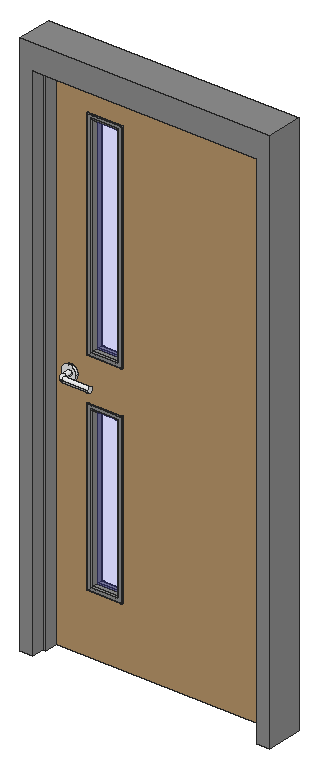
Revit family "7c604ee464c544b09e427b22791ddaf4", category Doors, host Wall, Revit 2021
Family settings
  Host = Wall
  OmniClass Number = 23.30.10.00
  OmniClass Title = Doors
  Always vertical = Yes
  Cut with Voids When Loaded = No
  Shared = No
  Room Calculation Point = No
Parameters
  Visual Light Transmittance = 0
  Thickness = 1 3/4"
  Thermal Resistance (R) = 2.5876 (h·ft²·°F)/BTU
  Swing Angle [instance] = 90.00°
  Strike Height = 40"
  Solar Heat Gain Coefficient = 0
  Rough Width [instance] = Width + MFOpeningWidth  # 40"
  Rough Height [instance] = Height + MFOpeningHeight  # 88"
  Panel Material = Wood - Birch
  Masonry Frame [instance] = yes
  MFOpeningHeight [instance] = if(Masonry Frame, 4", 1 1/4")  # 4"
  MFOpeningWidth [instance] = if(Masonry Frame, 4", 2 1/2")  # 4"
  Heat Transfer Coefficient (U) = 0.3865 BTU/(h·ft²·°F)
  Glazing = Glass
  Glass Stop Material = Metal - Paint Finish - Grey
  Function = Exterior
  Inset Calculate [instance] = if(Masonry Frame, Masonry Inset + 3", 3")  # 4"
  Masonry Inset [instance] = 1"
  Height = 84"
  Wall Closure = By host
  Width = 36"
  Frame Material = Metal - Paint Finish - Grey
  Masonry Frame Depth = 5 3/4"
  Dry Wall Frame [instance] = not(Masonry Frame)  # no
  Door Handle Material = Aluminum
  Assembly Code = "B2030100"
  Analytic Construction = "Wooden"
Reference planes
  plane 1 "Center (Front/Back)": y = 0
  plane 2 "Center (Left/Right)": x = 0
  plane 3 "Left": x = -508
  plane 4 "Right": x = 508
  plane 5 "Top": z = 2235.2
  plane 6 "Exterior": y = 107.95
  plane 7 "Interior": y = -95.25
  plane 8 "Door Panel Left": x = -457.2
  plane 9 "Door Panel Right": x = 457.2
  plane 10 "Top Of Panel": z = 2133.6
  plane 11: z = 0
  plane 12: z = 0
  plane 13 "Door Back": y = 38.1
  plane 14: z = 1016
  plane 15 "Door Front": y = 82.55
  plane 16: y = -63.5
  plane 17: y = 33.337
  plane 18: x = -441.325
  plane 19: y = -14.288
  plane 20: z = 2184.4
  plane 21: y = 184.15
  plane 22: z = 2184.4
  plane 23: x = 476.25
  plane 24: x = 527.05
  plane 25: y = 120.65
  plane 26: y = -107.95
  plane 27: x = 460.375
  plane 28: y = 33.337
  plane 29: y = -4.763
  plane 30: z = 1981.2
  plane 31: z = 1111.25
  plane 32: x = -304.8
  plane 33: x = -177.8
  plane 34: y = 63.5
  plane 35: y = 57.15
  plane 36: y = 60.325
  plane 37: z = 920.75
  plane 38: z = 254
  plane 39: z = 6.35
  plane 40 "Glass": y = 60.325
Forms (mm)
  Extrusion 1, solid, material "Wood - Birch" <- "Panel Material"
    sketch origin (0, 0, 0) x (1, 0, 0) y (0, 0, 1)
      loop
        line (457.2, 2133.6) -> (-457.2, 2133.6) -> (-457.2, 0) -> (457.2, 0) -> (457.2, 2133.6)
      loop
        line (-177.8, 1981.2) -> (-304.8, 1981.2) -> (-304.8, 1111.25) -> (-177.8, 1111.25) -> (-177.8, 1981.2)
      loop
        line (-177.8, 920.75) -> (-304.8, 920.75) -> (-304.8, 254) -> (-177.8, 254) -> (-177.8, 920.75)
    from -82.55 to -38.1
  Sweep 2, solid, material "Metal - Paint Finish - Grey" <- "Frame Material", visible <- "Masonry Frame"
    path origin (0, 107.95, 0) x (1, 0, 0) y (0, 0, 1)
      loop
        line (508, 0) -> (508, 2184.4) -> (-508, 2184.4) -> (-508, 0)
    profile origin (-508, 107.95, 1092.2) x (0, -1, 0) y (1, 0, 0)
      loop
        line (25.4, 50.8) -> (25.4, 0) -> (171.45, 0) -> (171.45, 50.8) -> (122.237, 50.8) -> (122.237, 66.675) -> (74.612, 66.675) -> (74.612, 50.8) -> (25.4, 50.8)
  Extrusion 3, solid, material "Metal - Paint Finish - Grey" <- "Frame Material", visible <- "Masonry Frame"
    sketch origin (0, 0, 0) x (0, 1, 0) y (0, 0, 1)
      loop
        line (82.55, 2235.2) -> (-63.5, 2235.2) -> (-63.5, 2184.4) -> (82.55, 2184.4) -> (82.55, 2235.2)
    from -508 to 508
  Sweep 4, solid, material "Metal - Paint Finish - Grey" <- "Frame Material", visible <- "Dry Wall Frame"
    path origin (0, 107.95, 0) x (1, 0, 0) y (0, 0, 1)
      loop
        line (508, 0) -> (508, 2235.2) -> (-508, 2235.2) -> (-508, 0)
    profile origin (508, 107.95, 1117.6) x (-1, 0, 0) y (0, -1, 0)
      loop
        line (-19.05, -12.7) -> (31.75, -12.7) -> (31.75, 74.613) -> (47.625, 74.613) -> (47.625, 112.713) -> (31.75, 112.713) -> (31.75, 215.9) -> (-19.05, 215.9) -> (-19.05, 203.2) -> (0, 203.2) -> (0, 0) -> (-19.05, 0) -> (-19.05, -12.7)
  Extrusion 5, solid, material "Glass" <- "Glazing"
    sketch origin (0, 60.325, 0) x (1, 0, 0) y (0, 0, 1)
      loop
        line (-177.8, 1981.2) -> (-304.8, 1981.2) -> (-304.8, 1111.25) -> (-177.8, 1111.25) -> (-177.8, 1981.2)
      loop
        line (-177.8, 920.75) -> (-304.8, 920.75) -> (-304.8, 254) -> (-177.8, 254) -> (-177.8, 920.75)
    from -3.175 to 3.175
  Sweep 6, solid, material "Metal - Paint Finish - Grey" <- "Glass Stop Material", detail levels fine
    path origin (0, 82.55, 0) x (-1, 0, 0) y (0, 0, 1)
      loop
        line (177.8, 1981.2) -> (177.8, 1111.25) -> (304.8, 1111.25) -> (304.8, 1981.2) -> (177.8, 1981.2)
    profile "Glazing Bead : Glazing Bead" origin (-241.3, 82.55, 1981.2) x (0, 0, 1) y (0, 1, 0)
      loop
        line (0, 0) -> (8, 0) -> (8, 4)
        arc (8, 4) -> (7.414, 5.414) -> (6, 6) r 2
        line (6, 6) -> (-7, 6)
        arc (-7, 6) -> (-10.536, 4.536) -> (-12, 1) r 5
        line (-12, 1) -> (-12, -19.05) -> (0, -19.05) -> (0, 0)
  Sweep 7, solid, material "Metal - Paint Finish - Grey" <- "Glass Stop Material", detail levels fine
    path origin (0, 38.1, 0) x (-1, 0, 0) y (0, 0, 1)
      loop
        line (177.8, 1111.25) -> (304.8, 1111.25) -> (304.8, 1981.2) -> (177.8, 1981.2) -> (177.8, 1111.25)
    profile "Glazing Bead : Glazing Bead" origin (-241.3, 38.1, 1111.25) x (0, 0, 1) y (0, 1, 0)
      loop
        line (0, 0) -> (-8, 0) -> (-8, -4)
        arc (-8, -4) -> (-7.414, -5.414) -> (-6, -6) r 2
        line (-6, -6) -> (7, -6)
        arc (7, -6) -> (10.536, -4.536) -> (12, -1) r 5
        line (12, -1) -> (12, 19.05) -> (0, 19.05) -> (0, 0)
  Sweep 8, solid, material "Metal - Paint Finish - Grey" <- "Glass Stop Material", detail levels fine
    path origin (0, 82.55, 0) x (-1, 0, 0) y (0, 0, 1)
      loop
        line (177.8, 920.75) -> (177.8, 254) -> (304.8, 254) -> (304.8, 920.75) -> (177.8, 920.75)
    profile "Glazing Bead : Glazing Bead" origin (-241.3, 82.55, 920.75) x (0, 0, 1) y (0, 1, 0)
      loop
        line (0, 0) -> (8, 0) -> (8, 4)
        arc (8, 4) -> (7.414, 5.414) -> (6, 6) r 2
        line (6, 6) -> (-7, 6)
        arc (-7, 6) -> (-10.536, 4.536) -> (-12, 1) r 5
        line (-12, 1) -> (-12, -19.05) -> (0, -19.05) -> (0, 0)
  Sweep 9, solid, material "Metal - Paint Finish - Grey" <- "Glass Stop Material", detail levels fine
    path origin (0, 38.1, 0) x (-1, 0, 0) y (0, 0, 1)
      loop
        line (304.8, 920.75) -> (177.8, 920.75) -> (177.8, 254) -> (304.8, 254) -> (304.8, 920.75)
    profile "Glazing Bead : Glazing Bead" origin (-241.3, 38.1, 920.75) x (0, 0, -1) y (0, 1, 0)
      loop
        line (0, 0) -> (-8, 0) -> (-8, -4)
        arc (-8, -4) -> (-7.414, -5.414) -> (-6, -6) r 2
        line (-6, -6) -> (7, -6)
        arc (7, -6) -> (10.536, -4.536) -> (12, -1) r 5
        line (12, -1) -> (12, 19.05) -> (0, 19.05) -> (0, 0)
Cuts and joins
  joined: Sweep 2, Extrusion 3
Lines and regions (mm)
  Opening 1
    outline origin (-2286, -95.25, 0) x (1, 0, 0) y (0, 0, 1)
      loop
        line (1778, 0) -> (2794, 0) -> (2794, 2235.2) -> (1778, 2235.2) -> (1778, 0)
  Masking region 1, visible <- "Masonry Frame", detail levels coarse+medium
    outline origin (0, 0, 0) x (1, 0, 0) y (0, 1, 0)
      loop
        line (-508, 82.55) -> (-508, -63.5) -> (-457.2, -63.5) -> (-457.2, 82.55) -> (-508, 82.55)
      loop
        line (508, 82.55) -> (457.2, 82.55) -> (457.2, -63.5) -> (508, -63.5) -> (508, 82.55)
  Masking region 2, visible <- "Masonry Frame", detail levels fine
    outline origin (0, 0, 0) x (1, 0, 0) y (0, 1, 0)
      loop
        line (-508, 82.55) -> (-508, -63.5) -> (-457.2, -63.5) -> (-457.2, -14.288) -> (-441.325, -14.288) -> (-441.325, 33.337) -> (-457.2, 33.337) -> (-457.2, 82.55) -> (-508, 82.55)
      loop
        line (508, 82.55) -> (457.2, 82.55) -> (457.2, 33.337) -> (441.325, 33.337) -> (441.325, -14.288) -> (457.2, -14.288) -> (457.2, -63.5) -> (508, -63.5) -> (508, 82.55)
  Masking region 3, visible <- "Dry Wall Frame", detail levels coarse+medium
    outline origin (0, 0, 0) x (1, 0, 0) y (0, 1, 0)
      loop
        line (476.25, -95.25) -> (508, -95.25) -> (508, 107.95) -> (476.25, 107.95) -> (476.25, -95.25)
      loop
        line (-508, 107.95) -> (-508, -95.25) -> (-476.25, -95.25) -> (-476.25, 107.95) -> (-508, 107.95)
  Masking region 4, visible <- "Dry Wall Frame", detail levels fine
    outline origin (0, 0, 0) x (1, 0, 0) y (0, 1, 0)
      loop
        line (-527.05, 120.65) -> (-527.05, 107.95) -> (-508, 107.95) -> (-508, -95.25) -> (-527.05, -95.25) -> (-527.05, -107.95) -> (-476.25, -107.95) -> (-476.25, -4.763) -> (-460.375, -4.763) -> (-460.375, 33.337) -> (-476.25, 33.337) -> (-476.25, 120.65) -> (-527.05, 120.65)
      loop
        line (527.05, 107.95) -> (527.05, 120.65) -> (476.25, 120.65) -> (476.25, 33.337) -> (460.375, 33.337) -> (460.375, -4.763) -> (476.25, -4.763) -> (476.25, -107.95) -> (527.05, -107.95) -> (527.05, -95.25) -> (508, -95.25) -> (508, 107.95) -> (527.05, 107.95)
  symbolic lines, style "Elevation Swing"
    curve 1: line (-457.2, 107.95, 2133.6) -> (457.2, 107.95, 1066.8)
    curve 2: line (457.2, 107.95, 1066.8) -> (-457.2, 107.95, 0)
  model lines, style "DoorsGlassProjection"
    curve 3: line (-177.8, 60.325, 1981.2) -> (-177.8, 60.325, 1111.25)
    curve 4: line (-304.8, 60.325, 1981.2) -> (-304.8, 60.325, 1111.25)
    curve 5: line (-177.8, 60.325, 920.75) -> (-177.8, 60.325, 254)
    curve 6: line (-304.8, 60.325, 920.75) -> (-304.8, 60.325, 254)
Text (mm)
  text "Exterior" at (-1904.17, 693.701, 0), in view "Ref. Level"
  text "Interior" at (-1904.17, -638.649, 0), in view "Ref. Level"
  text "Exterior" at (0, 1019.848, 3124.603), in view "Right"
  text "Interior" at (0, -1635.541, 3124.603), in view "Right"
  text "Interior" at (0, -787.806, 3124.376), in view "Left"
  text "Exterior" at (0, 1386.095, 3124.376), in view "Left"
Dimensions and locks
  equal spacing: plane 3 "Left", plane 2 "Center (Left/Right)", plane 4 "Right"
  "Rough Height": level to plane 5 "Top"
  equal spacing: plane 8 "Door Panel Left", plane 2 "Center (Left/Right)", plane 9 "Door Panel Right"
  "Width": plane 8 "Door Panel Left" to plane 9 "Door Panel Right"
  "Height": level to plane 10 "Top Of Panel"
  plane 11 to plane 12 = 0"
  "Rough Width": plane 3 "Left" to plane 4 "Right"
  equal spacing: plane 12, curve 2, plane 10 "Top Of Panel"
  "Thickness": plane 15 "Door Front" to plane 13 "Door Back"
  "Masonry Frame Depth": plane 15 "Door Front" to plane 16
  locked: plane 13 "Door Back" to plane 17 at 4.763
  locked: plane 16 to plane 19 at 49.213
  locked: plane 8 "Door Panel Left" to plane 18 at 15.875
  locked: plane 20 to plane 5 "Top" at 50.8
  locked: plane 6 "Exterior" to plane 21 at 76.2
  "Inset Calculate": plane 21 to plane 15 "Door Front"
  locked: plane 10 "Top Of Panel" to plane 22 at 50.8
  locked: plane 4 "Right" to plane 24 at 19.05
  locked: plane 6 "Exterior" to plane 25 at 12.7
  locked: plane 26 to plane 7 "Interior" at 12.7
  locked: plane 23 to plane 24 at 50.8
  plane 13 "Door Back" to plane 28 to plane 29 = 3/16" locked, 1 1/2" locked
  locked: plane 27 to plane 23 at 15.875
  "Strike Height": plane 11 to plane 14
  locked: plane 30 to plane 10 "Top Of Panel" at 152.4
  locked: plane 8 "Door Panel Left" to plane 32 at 152.4
  equal spacing: plane 15 "Door Front", plane 36, plane 13 "Door Back"
  locked: plane 36 to plane 35 at 3.175
  locked: plane 34 to plane 36 at 3.175
  locked: plane 37 to plane 31 at 190.5
  equal spacing: plane 37, plane 14, plane 31
  locked: plane 11 to plane 38 at 254
  locked: plane 11 to plane 39 at 6.35
  locked: plane 32 to plane 33 at 127
  equal spacing: plane 15 "Door Front", plane 40 "Glass", plane 13 "Door Back"
  aligned and locked: plane 3 "Left" to Opening 1 sketch curve
  aligned and locked: plane 5 "Top" to Opening 1 sketch curve  (x2)
  aligned and locked: Opening 1 sketch curve to plane 4 "Right"
  aligned and locked: Opening 1 sketch curve to level
  aligned and locked: plane 6 "Exterior" to host wall
  aligned and locked: plane 7 "Interior" to host wall
  aligned and locked: plane 11 to level
  aligned and locked: Extrusion 1 sketch curve to plane 10 "Top Of Panel"
  aligned and locked: Extrusion 1 sketch curve to plane 8 "Door Panel Left"
  aligned and locked: plane 9 "Door Panel Right" to Extrusion 1 sketch curve
  aligned and locked: Extrusion 1 sketch curve to plane 12
  aligned and locked: Extrusion 1 to plane 13 "Door Back"
  aligned and locked: nested 1 to plane 9 "Door Panel Right"
  aligned and locked: nested 2 to plane 8 "Door Panel Left"
  aligned and locked: nested 2 to plane 14
  aligned and locked: plane 8 "Door Panel Left" to nested 3
  aligned and locked: nested 3 to plane 13 "Door Back"
  aligned and locked: plane 14 to nested 3
  aligned and locked: nested 1 to plane 15 "Door Front"
  aligned and locked: nested 2 to plane 15 "Door Front"
  aligned and locked: Extrusion 1 to nested 1
  aligned and locked: Sweep 2 sketch curve to plane 3 "Left"  (x2)
  aligned and locked: plane 11 to Sweep 2 sketch curve  (x2)
  aligned and locked: plane 18 to Sweep 2 sketch curve
  aligned and locked: plane 8 "Door Panel Left" to Sweep 2 sketch curve  (x2)
  aligned and locked: plane 17 to Sweep 2 sketch curve
  aligned and locked: Sweep 2 sketch curve to plane 19
  aligned and locked: Sweep 2 sketch curve to plane 16
  aligned and locked: Sweep 2 sketch curve to plane 15 "Door Front"
  aligned and locked: Sweep 2 sketch curve to plane 4 "Right"
  aligned and locked: plane 5 "Top" to Extrusion 3 sketch curve
  aligned and locked: Extrusion 3 sketch curve to plane 16
  aligned and locked: Extrusion 3 sketch curve to plane 15 "Door Front"
  aligned and locked: plane 20 to Extrusion 3 sketch curve
  aligned and locked: cut or joined group of Sweep 2, Extrusion 3 to plane 4 "Right"
  aligned and locked: plane 3 "Left" to cut or joined group of Sweep 2, Extrusion 3
  aligned and locked: Masking region 1 sketch curve to plane 15 "Door Front"
  aligned and locked: plane 8 "Door Panel Left" to Masking region 1 sketch curve
  aligned and locked: Masking region 1 sketch curve to plane 16
  aligned and locked: Masking region 1 sketch curve to plane 3 "Left"
  aligned and locked: plane 15 "Door Front" to Masking region 1 sketch curve
  aligned and locked: Masking region 1 sketch curve to plane 4 "Right"
  aligned and locked: plane 9 "Door Panel Right" to Masking region 1 sketch curve
  aligned and locked: plane 16 to Masking region 1 sketch curve
  aligned and locked: Masking region 2 sketch curve to plane 3 "Left"
  aligned and locked: Masking region 2 sketch curve to plane 16
  aligned and locked: plane 8 "Door Panel Left" to Masking region 2 sketch curve  (x2)
  aligned and locked: Masking region 2 sketch curve to plane 15 "Door Front"
  aligned and locked: Masking region 2 sketch curve to cut or joined group of Sweep 2, Extrusion 3  (x4)
  aligned and locked: plane 15 "Door Front" to Masking region 2 sketch curve
  aligned and locked: Masking region 2 sketch curve to plane 4 "Right"
  aligned and locked: plane 9 "Door Panel Right" to Masking region 2 sketch curve  (x2)
  aligned and locked: plane 16 to Masking region 2 sketch curve
  aligned and locked: cut or joined group of Sweep 2, Extrusion 3 to Masking region 2 sketch curve  (x2)
  aligned and locked: plane 22 to Sweep 2 sketch curve
  aligned and locked: plane 4 "Right" to Sweep 4 sketch curve
  aligned and locked: Sweep 4 sketch curve to plane 3 "Left"
  aligned and locked: plane 24 to Sweep 4 sketch curve  (x2)
  aligned and locked: Sweep 4 sketch curve to plane 7 "Interior"
  aligned and locked: Sweep 4 sketch curve to plane 26
  aligned and locked: Sweep 4 sketch curve to plane 23  (x2)
  aligned and locked: Sweep 4 sketch curve to plane 29
  aligned and locked: plane 27 to Sweep 4 sketch curve
  aligned and locked: plane 28 to Sweep 4 sketch curve
  aligned and locked: Sweep 4 sketch curve to plane 25
  aligned and locked: plane 6 "Exterior" to Sweep 4 sketch curve
  aligned and locked: Sweep 4 sketch curve to plane 4 "Right"
  aligned and locked: plane 5 "Top" to Sweep 4 sketch curve
  aligned and locked: Masking region 3 sketch curve to plane 6 "Exterior"
  aligned and locked: plane 7 "Interior" to Masking region 3 sketch curve
  aligned and locked: Masking region 3 sketch curve to plane 4 "Right"
  aligned and locked: Masking region 3 sketch curve to Sweep 4  (x2)
  aligned and locked: plane 6 "Exterior" to Masking region 3 sketch curve
  aligned and locked: Masking region 3 sketch curve to plane 3 "Left"
  aligned and locked: Masking region 3 sketch curve to plane 7 "Interior"
  aligned and locked: Masking region 4 sketch curve to plane 3 "Left"
  aligned and locked: Masking region 4 sketch curve to Sweep 4  (x13)
  aligned and locked: Masking region 4 sketch curve to plane 6 "Exterior"
  aligned and locked: plane 7 "Interior" to Masking region 4 sketch curve
  aligned and locked: Masking region 4 sketch curve to plane 4 "Right"
  aligned and locked: Masking region 4 sketch curve to plane 7 "Interior"
  aligned and locked: Sweep 4 to Masking region 4 sketch curve  (x5)
  aligned and locked: plane 6 "Exterior" to Masking region 4 sketch curve
  aligned and locked: plane 11 to Sweep 4 sketch curve  (x2)
  aligned and locked: Extrusion 1 sketch curve to plane 30
  aligned and locked: Extrusion 1 sketch curve to plane 32  (x2)
  aligned and locked: plane 31 to Extrusion 1 sketch curve
  aligned and locked: plane 33 to Extrusion 1 sketch curve  (x2)
  aligned and locked: Extrusion 5 sketch curve to plane 32  (x2)
  aligned and locked: plane 33 to Extrusion 5 sketch curve  (x2)
  aligned and locked: Extrusion 5 sketch curve to plane 30
  aligned and locked: plane 31 to Extrusion 5 sketch curve
  aligned and locked: Extrusion 5 to plane 34
  aligned and locked: Extrusion 5 to plane 35
  aligned and locked: plane 31 to Sweep 6 sketch curve
  aligned and locked: Sweep 6 sketch curve to plane 32
  aligned and locked: Sweep 6 sketch curve to plane 30
  aligned and locked: plane 33 to Sweep 6 sketch curve
  aligned and locked: Sweep 7 sketch curve to plane 30
  aligned and locked: plane 31 to Sweep 7 sketch curve
  aligned and locked: Sweep 7 sketch curve to plane 32
  aligned and locked: plane 33 to Sweep 7 sketch curve
  aligned and locked: plane 37 to Extrusion 1 sketch curve
  aligned and locked: Extrusion 1 sketch curve to plane 38
  aligned and locked: plane 37 to Extrusion 5 sketch curve
  aligned and locked: Extrusion 5 sketch curve to plane 38
  aligned and locked: plane 37 to Sweep 8 sketch curve
  aligned and locked: Sweep 8 sketch curve to plane 32
  aligned and locked: Sweep 8 sketch curve to plane 38
  aligned and locked: plane 33 to Sweep 8 sketch curve
  aligned and locked: plane 37 to Sweep 9 sketch curve
  aligned and locked: Sweep 9 sketch curve to plane 38
  aligned and locked: Sweep 9 sketch curve to plane 32
  aligned and locked: plane 33 to Sweep 9 sketch curve
  aligned and locked: plane 30 to curve 4
  aligned and locked: plane 30 to curve 3
  aligned and locked: curve 3 to plane 33
  aligned and locked: curve 4 to plane 32
  aligned and locked: plane 31 to curve 4
  aligned and locked: plane 31 to curve 3
  aligned and locked: plane 37 to curve 6
  aligned and locked: plane 37 to curve 5
  aligned and locked: plane 38 to curve 6
  aligned and locked: plane 38 to curve 5
  aligned and locked: curve 5 to plane 33
  aligned and locked: curve 6 to plane 32
Automatic sketch dimensions
  curve 2 to level = 0"
  plane 8 "Door Panel Left" to curve 2 = 0"
  plane 8 "Door Panel Left" to curve 1 = 0"
  plane 9 "Door Panel Right" to curve 2 = 0"
  curve 1 to plane 10 "Top Of Panel" = 0"
Nested families
  nested 1: "Door Swing-Single" at (457.2, 82.55, 0), Swing Angle <- "Swing Angle", type "Single"
    with Swing Visible yes, Swing Angle 90.00°, Actual Angle 90.00°
  nested 2: "Handle Lever" at (-607.2, 82.55, 1016), type "Standard", detail levels fine
  nested 3: "Handle Lever" at (-607.2, 38.1, 1016), type "Standard", detail levels fine
Definition of nested family "Handle Lever"
  Parameters (values of type "Standard")
    Material = none
    Handle Z Distance = 0"
    Handle X Distance = 2 61/64"
    Assembly Code = ""
    Analytic Construction = "<None>"
  Reference planes
    plane 1 "Center (Front/Back)": y = 0
    plane 2: z = 0
    plane 3 "Center (Left/Right)": x = 150
    plane 4: z = 0
    plane 5 "Handle C/L": x = 225.009
  Forms (mm)
    Extrusion 1, solid, material <- "Material"
      sketch origin (300, 0, 0) x (1, 0, 0) y (0, 0, -1)
        loop
          circle (-77.491, 0) r 30
      from 0 to 8
    Sweep 2, solid, material <- "Material"
      path origin (0, 0, 0) x (0, -1, 0) y (1, 0, 0)
        loop
          line (-8, 225.009) -> (-38, 225.009)
          arc (-38, 225.009) -> (-48.607, 229.403) -> (-53, 240.009) r 15
          line (-53, 240.009) -> (-53, 345.009)
      profile origin (225.009, 23, 0) x (1, 0, 0) y (0, 0, 1)
        loop
          circle (0, 0) r 10
  Dimensions and locks
    "Handle Z Distance": plane 4 to level
    Sweep 2 sketch curve to Sweep 2 sketch curve = 4.13386"
    "Handle X Distance": plane 5 "Handle C/L" to plane 3 "Center (Left/Right)"
    plane 5 "Handle C/L" to Sweep 2 sketch curve = 4.72441"
    aligned and locked: plane 4 to Extrusion 1 sketch curve
  Automatic sketch dimensions
    Sweep 2 sketch curve to profile plane = 0"  (x2)
    Sweep 2 sketch curve to plane 5 "Handle C/L" = 0"
    Sweep 2 sketch curve to plane 1 "Center (Front/Back)" = 2.08661"
    Sweep 2 sketch curve to plane 1 "Center (Front/Back)" = 0.31496"
    Extrusion 1 sketch curve to plane 5 "Handle C/L" = 0.09843"
    radius of Sweep 2 sketch curve = 0.3937"
    radius of Extrusion 1 sketch curve = 1.1811"
Definition of nested family "Door Swing-Single"
  Parameters
    Width = 36"
    Thickness = 1 3/4"
    Swing Visible [instance] = Swing Angle > 1.00°  # yes
    Swing Angle [instance] = 45.00°
    Assembly Code = ""
    Analytic Construction = "<None>"
    Actual Angle [instance] = if(Swing Angle < 1.00°, 1.00°, Swing Angle)  # 45.00°
  Reference planes
    plane 1 "Center (Front/Back)": y = 0
    plane 2: z = 0
    plane 3 "Center (Left/Right)": x = 0
    plane 4: x = -914.4
  Lines and regions (mm)
    Masking region 1
      outline origin (0, 0, 0) x (-0.707107, 0.707107, 0) y (-0.707107, -0.707107, 0)
        loop
          line (0, 0) -> (914.4, 0) -> (914.4, 44.45) -> (0, 44.45) -> (0, 0)
    symbolic lines
      curve 1: line (0, 0, 0) -> (-914.4, 0, 0)
    symbolic lines, visible <- "Swing Visible"
      curve 2: arc (-914.4, 0, 0) -> (-844.795, 349.926, 0) -> (-646.578, 646.578, 0) r 914.4
    reference lines
      curve 3: line (0, 0, 0) -> (-646.578, 646.578, 0)
    model lines
      curve 4: line (0, 0, 0) -> (0, 0, 25.4)
  Dimensions and locks
    "Width": plane 4 to plane 3 "Center (Left/Right)"
    locked: curve 2 to plane 3 "Center (Left/Right)"
    locked: curve 2 to plane 1 "Center (Front/Back)"
    "Width": curve 3 to curve 3
    "Thickness": Masking region 1 sketch curve to Masking region 1 sketch curve
    locked: curve 4 to plane 2 at 25.4
    "Width": radius of curve 2
    "Actual Angle": angle curve 2 to curve 2
    "Swing Angle": angle curve 3 to plane 1 "Center (Front/Back)"
    aligned and locked: curve 1 to plane 1 "Center (Front/Back)"
    aligned and locked: plane 3 "Center (Left/Right)" to curve 1
    aligned and locked: plane 3 "Center (Left/Right)" to curve 3
    aligned and locked: plane 1 "Center (Front/Back)" to curve 3
    aligned and locked: curve 3 to Masking region 1 sketch curve
    aligned and locked: Masking region 1 sketch curve to curve 3  (x2)
    aligned and locked: plane 3 "Center (Left/Right)" to curve 4
    aligned and locked: plane 2 to curve 4
